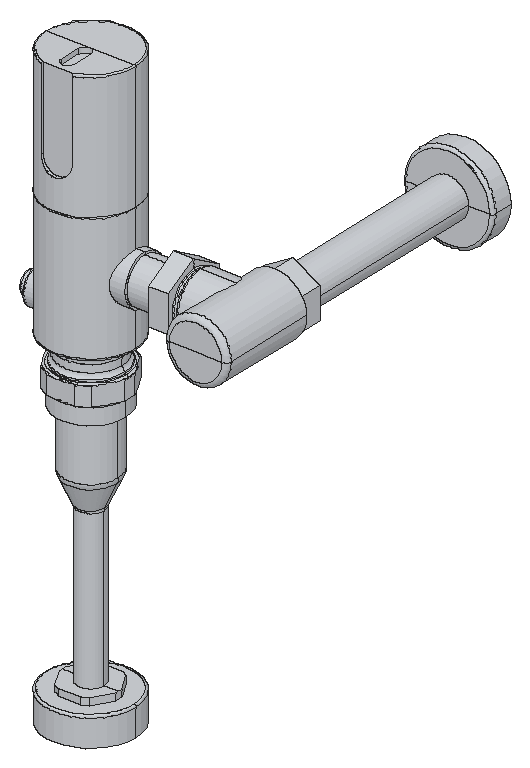
Revit family "Flushometer-Urinal_Touchless-KOHLER-MACH_WAVE-K-40UH00K20_1", category Plumbing Fixtures, host Face, Revit 2017 (continued)
Definition of nested family "K-40UH00K20"
  Automatic sketch dimensions
    plane 1 "Center (Front/Back)" to Masking region 1 sketch curve = 0"
    Masking region 1 sketch curve to plane 11 = 0"
    Masking region 1 sketch curve to Masking region 1 sketch curve = 0.08491"  (x2)
    plane 19 to Masking region 1 sketch curve = 0.37406"
    plane 19 to Masking region 1 sketch curve = 0.49141"
    plane 13 to Masking region 1 sketch curve = 0.13288"
    plane 7 to Masking region 1 sketch curve = 0.56264"
    Masking region 1 sketch curve to plane 7 = 0.56264"
    plane 18 to Masking region 1 sketch curve = 0.51667"
    plane 18 to Masking region 1 sketch curve = 0.49141"
    Masking region 1 sketch curve to Masking region 1 sketch curve = 0.11735"
    plane 18 to Masking region 1 sketch curve = 0.37406"
    Masking region 1 sketch curve to Masking region 1 sketch curve = 0.0484"  (x3)
    Masking region 1 sketch curve to Masking region 1 sketch curve = 0.05396"  (x2)
    Masking region 1 sketch curve to Masking region 1 sketch curve = 0.03442"  (x2)
    Masking region 1 sketch curve to plane 9 = 0.25394"  (x2)
    plane 9 to Masking region 1 sketch curve = 0.20459"  (x2)
    plane 8 to Masking region 1 sketch curve = 0.10236"  (x2)
    Masking region 1 sketch curve to plane 8 = 0.20548"  (x2)
    Masking region 1 sketch curve to Masking region 1 sketch curve = 0.07011"  (x2)
    plane 20 to Masking region 1 sketch curve = 0.05933"  (x2)
    Masking region 1 sketch curve to plane 10 = 0.3"  (x2)
    plane 10 to Masking region 1 sketch curve = 0.32205"  (x2)
    plane 10 to Masking region 1 sketch curve = 0.38227"
    Masking region 1 sketch curve to Masking region 1 sketch curve = 0.11563"
    Masking region 1 sketch curve to Masking region 1 sketch curve = 0.02005"
    Masking region 1 sketch curve to Masking region 1 sketch curve = 0.09499"
    Masking region 1 sketch curve to Masking region 1 sketch curve = 0.05143"
    Masking region 1 sketch curve to Masking region 1 sketch curve = 0.11441"
    Masking region 1 sketch curve to Masking region 1 sketch curve = 0.17374"
    plane 11 to Masking region 1 sketch curve = 0.61614"
    plane 11 to Masking region 1 sketch curve = 0.51168"
    Masking region 1 sketch curve to Masking region 1 sketch curve = 0.00555"
    Masking region 1 sketch curve to Masking region 1 sketch curve = 0.23387"
    curve 5 to curve 6 = 0"  (x2)
    curve 5 to curve 7 = 0"  (x2)
    curve 5 to curve 8 = 0"  (x2)
    curve 5 to curve 12 = 0"  (x2)
    curve 6 to curve 7 = 0"  (x2)
    curve 6 to curve 8 = 0"  (x2)
    curve 6 to curve 12 = 0"  (x2)
    curve 7 to curve 8 = 0"  (x2)
    curve 7 to curve 12 = 0"  (x2)
    curve 8 to curve 12 = 0"  (x2)
    curve 36 to plane 19 = 0"
    plane 23 to curve 35 = 0"
    plane 1 "Center (Front/Back)" to curve 34 = 0"
    curve 36 to plane 18 = 0"
    plane 1 "Center (Front/Back)" to curve 7 = 0"
    curve 7 to plane 9 = 0"
    curve 12 to plane 3 "Center (Left/Right)" = 0"
    curve 13 to plane 3 "Center (Left/Right)" = 0"
    curve 6 to plane 8 = 0"
    plane 1 "Center (Front/Back)" to curve 2 = 0"
    plane 19 to curve 29 = 0.58939"
    plane 7 to curve 31 = 0.16061"
    curve 27 to plane 7 = 0.16061"
    curve 32 to plane 7 = 0.4045"
    curve 33 to plane 1 "Center (Front/Back)" = 0.20585"
    curve 33 to plane 7 = 0.4045"
    curve 27 to curve 26 = 1/2"
    curve 33 to curve 34 = 0.26481"
    plane 11 to curve 11 = 0.11619"
    plane 3 "Center (Left/Right)" to curve 11 = 0.42988"
    plane 3 "Center (Left/Right)" to curve 15 = 0.18307"
    curve 14 to curve 9 = 0.24681"
    curve 4 to plane 8 = 0.09442"
    curve 3 to plane 8 = 0.09442"
    plane 20 to curve 2 = 0.03328"
    plane 10 to curve 30 = 0.32205"
    curve 27 to curve 30 = 0"
    plane 10 to curve 21 = 0.47726"
    curve 3 to plane 1 "Center (Front/Back)" = 0.18412"
    curve 5 to curve 13 = 0.20669"
    plane 11 to curve 23 = 0.47726"
    plane 11 to curve 16 = 0.45276"
    plane 13 to curve 79 = 0.14261"
    plane 19 to curve 79 = 0.37441"
    plane 7 to curve 35 = 0.56264"
    curve 29 to curve 25 = 0.09815"
    curve 25 to curve 26 = 0.09797"
    curve 35 to plane 7 = 0.56264"
    plane 18 to curve 32 = 0.37406"
    curve 26 to curve 33 = 0.21533"
    plane 18 to curve 79 = 0.37406"
    curve 20 to curve 19 = 0.10322"
    curve 23 to curve 18 = 0"
    curve 21 to curve 18 = 0"
    curve 17 to plane 9 = 0.25394"
    plane 9 to curve 7 = 0.20459"
    plane 9 to curve 8 = 0.20459"
    plane 8 to curve 6 = 0.10236"
    plane 8 to curve 5 = 0.10236"
    curve 2 to curve 3 = 0.18117"
    curve 36 to plane 23 = 0.08491"
    curve 29 to plane 10 = 0.3"
    curve 26 to plane 10 = 0.3"
    curve 28 to plane 10 = 0.3"
    curve 26 to curve 33 = 0.11563"
    curve 19 to curve 20 = 0.03442"
    curve 21 to curve 18 = 0.13888"
    curve 7 to curve 17 = 0.05143"
    curve 1 to curve 3 = 0.12677"
    curve 22 to plane 1 "Center (Front/Back)" = 0.05692"
    plane 1 "Center (Front/Back)" to curve 24 = 0.05692"
    curve 4 to curve 1 = 0.12677"
    curve 17 to curve 8 = 0.05143"
    curve 18 to curve 23 = 0.13888"
    curve 20 to curve 19 = 0.03442"
    plane 11 to curve 32 = 0.43768"
    curve 9 to curve 12 = 0.00543"
    curve 12 to curve 11 = 0.03452"
    curve 12 to curve 10 = 0.03452"
    Revolve 11 sketch curve to level = 0"
    Revolve 11 sketch curve to plane 3 "Center (Left/Right)" = 0"  (x2)
    plane 9 to Revolve 11 sketch curve = 0"  (x3)
    plane 3 "Center (Left/Right)" to Revolve 11 sketch curve = 3/8"
    Revolve 11 sketch curve to Revolve 11 sketch curve = 0.01565"
    plane 3 "Center (Left/Right)" to Revolve 11 sketch curve = 0.41839"
    Revolve 11 sketch curve to Revolve 11 sketch curve = 0.15135"
    Revolve 11 sketch curve to Revolve 11 sketch curve = 0.30762"
    plane 9 to Revolve 11 sketch curve = 63/128"
    plane 9 to Revolve 11 sketch curve = 0.38333"
    plane 9 to Revolve 11 sketch curve = 0.32591"
    plane 16 to Revolve 11 sketch curve = 1/128"
    Revolve 11 sketch curve to Revolve 11 sketch curve = 0.07563"
    Revolve 11 sketch curve to Revolve 11 sketch curve = 0.22644"
    Revolve 11 sketch curve to Revolve 11 sketch curve = 0.05918"
    Revolve 11 sketch curve to plane 17 = 0.00832"
    Revolve 11 sketch curve to Revolve 11 sketch curve = 0.02806"
    plane 17 to Revolve 11 sketch curve = 0.03176"
    Revolve 11 sketch curve to Revolve 11 sketch curve = 0.09501"
    plane 16 to Revolve 11 sketch curve = 0.02105"
    Revolve 11 sketch curve to Revolve 11 sketch curve = 0.07509"
    plane 9 to Revolve 11 sketch curve = 0.11631"
    Revolve 11 sketch curve to Revolve 11 sketch curve = 0.05712"
    plane 16 to Revolve 11 sketch curve = 0.04719"
    Revolve 11 sketch curve to Revolve 11 sketch curve = 0.0147"  (x2)
    Revolve 11 sketch curve to plane 17 = 0.05784"
    Revolve 11 sketch curve to Revolve 11 sketch curve = 11/256"
    plane 9 to Revolve 11 sketch curve = 0.06795"
    plane 9 to Revolve 11 sketch curve = 0.05891"
    plane 9 to Revolve 11 sketch curve = 0.03642"
    Revolve 11 sketch curve to Revolve 11 sketch curve = 0.03287"
    Revolve 11 sketch curve to Revolve 11 sketch curve = 0.03235"
    Revolve 11 sketch curve to Revolve 11 sketch curve = 0.02814"
    level to Revolve 11 sketch curve = 0.75359"
    Revolve 11 sketch curve to Revolve 11 sketch curve = 3/16"
    plane 17 to Revolve 11 sketch curve = 3.01711"
    Revolve 11 sketch curve to Revolve 11 sketch curve = 0.71919"
    plane 17 to Revolve 11 sketch curve = 0.47885"
    Revolve 11 sketch curve to plane 16 = 0.03563"
    Revolve 11 sketch curve to Revolve 11 sketch curve = 0.20814"
    plane 14 to Revolve 11 sketch curve = 0.44548"
    Revolve 11 sketch curve to plane 6 = 2 3/4"
    Revolve 11 sketch curve to Revolve 11 sketch curve = 2 3/4"
    Masking region 3 sketch curve to plane 13 = 0"
    Masking region 3 sketch curve to plane 11 = 0"  (x4)
    plane 16 to Masking region 3 sketch curve = 0"  (x2)
    plane 17 to Masking region 3 sketch curve = 0"  (x2)
    Masking region 3 sketch curve to plane 10 = 0"  (x4)
    Masking region 3 sketch curve to plane 23 = 0"
    Masking region 3 sketch curve to plane 14 = 0"
    Masking region 3 sketch curve to plane 13 = 0.60717"
    plane 13 to Masking region 3 sketch curve = 0.14718"  (x2)
    Masking region 3 sketch curve to Masking region 3 sketch curve = 0.02816"  (x2)
    plane 11 to Masking region 3 sketch curve = 0.0311"
    plane 11 to Masking region 3 sketch curve = 0.0361"
    plane 11 to Masking region 3 sketch curve = 0.05371"
    Masking region 3 sketch curve to Masking region 3 sketch curve = 0.05988"  (x2)
    Masking region 3 sketch curve to Masking region 3 sketch curve = 0.04483"
    plane 6 to Masking region 3 sketch curve = 0.0382"
    plane 11 to Masking region 3 sketch curve = 0.07624"
    plane 11 to Masking region 3 sketch curve = 0.20067"
    Masking region 3 sketch curve to Masking region 3 sketch curve = 0.01587"
    Masking region 3 sketch curve to Masking region 3 sketch curve = 0.04921"  (x2)
    Masking region 3 sketch curve to plane 16 = 0.03563"  (x2)
    Masking region 3 sketch curve to Masking region 3 sketch curve = 0.09116"
    Masking region 3 sketch curve to Masking region 3 sketch curve = 0.18237"
    Masking region 3 sketch curve to Masking region 3 sketch curve = 0.22644"
    Masking region 3 sketch curve to Masking region 3 sketch curve = 0.45743"
    Masking region 3 sketch curve to Masking region 3 sketch curve = 0.03497"
    plane 11 to Masking region 3 sketch curve = 0.62119"
    Masking region 3 sketch curve to Masking region 3 sketch curve = 0.23025"  (x2)
    Masking region 3 sketch curve to Masking region 3 sketch curve = 0.3732"
    Masking region 3 sketch curve to Masking region 3 sketch curve = 0.0238"  (x2)
    Masking region 3 sketch curve to plane 1 "Center (Front/Back)" = 0.37476"
    Masking region 3 sketch curve to plane 1 "Center (Front/Back)" = 0.38461"
    Masking region 3 sketch curve to Masking region 3 sketch curve = 0.33824"
    Masking region 3 sketch curve to Masking region 3 sketch curve = 0.35793"
    plane 10 to Masking region 3 sketch curve = 63/128"
    plane 10 to Masking region 3 sketch curve = 0.38304"
    Masking region 3 sketch curve to Masking region 3 sketch curve = 0.07534"
    plane 10 to Masking region 3 sketch curve = 0.26575"
    Masking region 3 sketch curve to Masking region 3 sketch curve = 0.10702"
    plane 10 to Masking region 3 sketch curve = 0.07299"
    plane 10 to Masking region 3 sketch curve = 0.05371"
    plane 6 to Masking region 3 sketch curve = 0.04025"
    Masking region 3 sketch curve to Masking region 3 sketch curve = 0.03503"
    Masking region 3 sketch curve to Masking region 3 sketch curve = 0.03194"
    Masking region 3 sketch curve to plane 14 = 0.0804"
    Masking region 3 sketch curve to plane 5 = 0.0179"
    level to Masking region 3 sketch curve = 0.75262"
    Masking region 3 sketch curve to Masking region 3 sketch curve = 0.75262"
    Masking region 3 sketch curve to Masking region 3 sketch curve = 3/16"  (x2)
    plane 17 to Masking region 3 sketch curve = 3.04236"
    Masking region 3 sketch curve to Masking region 3 sketch curve = 0"
    Masking region 3 sketch curve to Masking region 3 sketch curve = 0.69543"  (x2)
    plane 17 to Masking region 3 sketch curve = 0.47885"  (x2)
    Masking region 3 sketch curve to Masking region 3 sketch curve = 0.18862"  (x2)
    plane 22 to Masking region 3 sketch curve = 0.14583"
    Masking region 3 sketch curve to plane 22 = 0.1665"
    plane 4 "A" to Masking region 3 sketch curve = 0.56196"
    Masking region 3 sketch curve to plane 14 = 0.52288"
    Masking region 3 sketch curve to plane 14 = 0.37406"
    plane 14 to Masking region 3 sketch curve = 0.4426"
    Masking region 3 sketch curve to Masking region 3 sketch curve = 0.82671"
    Revolve 12 sketch curve to plane 8 = 0"  (x2)
    Revolve 12 sketch curve to level = 0"
    Revolve 12 sketch curve to plane 3 "Center (Left/Right)" = 0"  (x2)
    plane 8 to Revolve 12 sketch curve = 63/128"
    Revolve 12 sketch curve to plane 3 "Center (Left/Right)" = 3/8"
    Revolve 12 sketch curve to Revolve 12 sketch curve = 0.81496"
    plane 17 to Revolve 12 sketch curve = 2.95353"
    plane 17 to Revolve 12 sketch curve = 0.47885"
    Revolve 12 sketch curve to Revolve 12 sketch curve = 1 1/2"
    Revolve 12 sketch curve to Revolve 12 sketch curve = 1"
    Revolve 13 sketch curve to plane 7 = 0"
    Revolve 13 sketch curve to Revolve 13 sketch curve = 0.3133"
    plane 12 to Revolve 13 sketch curve = 0.84583"
    Revolve 13 sketch curve to Revolve 13 sketch curve = 1/2"
    Revolve 3 sketch curve to Revolve 3 sketch curve = 0.05745"
    Masking region 2 sketch curve to plane 20 = 0"
    Masking region 2 sketch curve to plane 22 = 0"
    Masking region 2 sketch curve to plane 8 = 0"  (x4)
    Masking region 2 sketch curve to plane 16 = 0"
    Masking region 2 sketch curve to plane 17 = 0"
    plane 9 to Masking region 2 sketch curve = 0"  (x4)
    Masking region 2 sketch curve to plane 4 "A" = 0"
    Masking region 2 sketch curve to plane 7 = 0"
    plane 20 to Masking region 2 sketch curve = 0.06015"
    Masking region 2 sketch curve to Masking region 2 sketch curve = 0.06015"
    Masking region 2 sketch curve to Masking region 2 sketch curve = 0.16426"  (x2)
    Masking region 2 sketch curve to Masking region 2 sketch curve = 0.02512"
    Masking region 2 sketch curve to Masking region 2 sketch curve = 0.0612"
    Masking region 2 sketch curve to plane 8 = 0.09402"
    Masking region 2 sketch curve to plane 22 = 0.03555"
    Masking region 2 sketch curve to Masking region 2 sketch curve = 0.05138"
    plane 8 to Masking region 2 sketch curve = 0.02746"
    plane 8 to Masking region 2 sketch curve = 0.03129"
    Masking region 2 sketch curve to Masking region 2 sketch curve = 0.00106"
    Masking region 2 sketch curve to Masking region 2 sketch curve = 0.03607"  (x2)
    plane 8 to Masking region 2 sketch curve = 0.05773"
    plane 8 to Masking region 2 sketch curve = 0.07626"
    plane 8 to Masking region 2 sketch curve = 0.16319"
    Masking region 2 sketch curve to Masking region 2 sketch curve = 0.04228"
    Masking region 2 sketch curve to Masking region 2 sketch curve = 0.00475"
    Masking region 2 sketch curve to Masking region 2 sketch curve = 0.06286"
    plane 8 to Masking region 2 sketch curve = 0.26575"
    Masking region 2 sketch curve to Masking region 2 sketch curve = 0.10223"  (x2)
    Masking region 2 sketch curve to Masking region 2 sketch curve = 0.07532"  (x2)
    Masking region 2 sketch curve to Masking region 2 sketch curve = 13/32"
    plane 8 to Masking region 2 sketch curve = 63/128"
    Masking region 2 sketch curve to Masking region 2 sketch curve = 0.02861"  (x2)
    Masking region 2 sketch curve to plane 3 "Center (Left/Right)" = 0.51608"
    Masking region 2 sketch curve to Masking region 2 sketch curve = 0.27675"  (x2)
    Masking region 2 sketch curve to Masking region 2 sketch curve = 0.12786"  (x2)
    Masking region 2 sketch curve to Masking region 2 sketch curve = 0.01322"  (x2)
    plane 3 "Center (Left/Right)" to Masking region 2 sketch curve = 3/8"
    plane 3 "Center (Left/Right)" to Masking region 2 sketch curve = 0.45245"
    Masking region 2 sketch curve to Masking region 2 sketch curve = 0.41103"
    plane 9 to Masking region 2 sketch curve = 0.38302"
    Masking region 2 sketch curve to plane 16 = 0.03563"  (x2)
    Masking region 2 sketch curve to Masking region 2 sketch curve = 0.22644"
    plane 17 to Masking region 2 sketch curve = 0.0397"
    Masking region 2 sketch curve to Masking region 2 sketch curve = 0.1728"
    plane 16 to Masking region 2 sketch curve = 0.04228"
    plane 9 to Masking region 2 sketch curve = 0.07626"
    Masking region 2 sketch curve to Masking region 2 sketch curve = 0.05773"
    Masking region 2 sketch curve to Masking region 2 sketch curve = 0.03235"
    Masking region 2 sketch curve to Masking region 2 sketch curve = 0.03129"
    Masking region 2 sketch curve to Masking region 2 sketch curve = 0.02746"
    Masking region 2 sketch curve to plane 9 = 0.25394"  (x2)
    Masking region 2 sketch curve to plane 22 = 0.09489"
    plane 22 to Masking region 2 sketch curve = 0.00986"
    plane 25 to Masking region 2 sketch curve = 0.03302"
    Masking region 2 sketch curve to Masking region 2 sketch curve = 0.03381"
    Masking region 2 sketch curve to Masking region 2 sketch curve = 0.0702"
    Masking region 2 sketch curve to Masking region 2 sketch curve = 0.0694"
    Masking region 2 sketch curve to Masking region 2 sketch curve = 0.05689"  (x2)
    plane 22 to Masking region 2 sketch curve = 0.02587"
    Masking region 2 sketch curve to plane 18 = 0.0569"
    Masking region 2 sketch curve to Masking region 2 sketch curve = 0.04087"
    plane 18 to Masking region 2 sketch curve = 0.29977"
    plane 22 to Masking region 2 sketch curve = 0.08367"
    level to Masking region 2 sketch curve = 0.75477"  (x2)
    Masking region 2 sketch curve to Masking region 2 sketch curve = 3/16"  (x2)
    Masking region 2 sketch curve to Masking region 2 sketch curve = 2.53431"
    Masking region 2 sketch curve to Masking region 2 sketch curve = 0"  (x2)
    Masking region 2 sketch curve to Masking region 2 sketch curve = 0.73124"  (x2)
    Masking region 2 sketch curve to Masking region 2 sketch curve = 0.43915"
    Masking region 2 sketch curve to Masking region 2 sketch curve = 0.21605"  (x2)
    Masking region 2 sketch curve to Masking region 2 sketch curve = 0.12445"
    Masking region 2 sketch curve to Masking region 2 sketch curve = 0.12282"
    Masking region 2 sketch curve to plane 5 = 0.18553"
    plane 22 to Masking region 2 sketch curve = 0.2083"
    Masking region 2 sketch curve to plane 22 = 0.04318"
    Masking region 2 sketch curve to Masking region 2 sketch curve = 0.07381"
    Masking region 2 sketch curve to Masking region 2 sketch curve = 0.0578"
    plane 14 to Masking region 2 sketch curve = 0.44707"  (x2)
    Masking region 2 sketch curve to Masking region 2 sketch curve = 0.03039"
    curve 68 to curve 75 = 0.55118"
    Masking region 1 sketch curve to plane 18 = 0.0523"  (x2)
    Masking region 1 sketch curve to Masking region 1 sketch curve = 0.06879"  (x2)
    Masking region 1 sketch curve to Masking region 1 sketch curve = 0.55118"  (x2)
    Masking region 2 sketch curve to plane 25 = 0"  (x2)
    Revolve 16 sketch curve to plane 3 "Center (Left/Right)" = 0"
    Revolve 16 sketch curve to plane 7 = 0"
    Revolve 16 sketch curve to plane 14 = 0.43786"
    Revolve 16 sketch curve to plane 14 = 0.24803"
    Revolve 16 sketch curve to Revolve 16 sketch curve = 1/2"
    Revolve 16 sketch curve to plane 8 = 1/4"
    radius of Extrusion 1 sketch curve = 1.31929"
    radius of Extrusion 2 sketch curve = 1.08041"
    radius of Extrusion 5 sketch curve = 1.18947"
    radius of Extrusion 6 sketch curve = 1.06894"
    radius of Extrusion 14 sketch curve = 0.49459"
    radius of Extrusion 15 sketch curve = 0.22469"
Definition of nested family "K-40UH00K20_RF"
  Parameters (values of type "K-40UH00D20_RF")
    Material = none
  Reference planes (in)
    plane 1 "Center (Front/Back)": y = 0
    plane 2: z = 0
    plane 3 "Center (Left/Right)": x = 0
    plane 4: x = -1.25
    plane 5: x = 1.25
    plane 6: y = 1.25
    plane 7: y = -1.25
    plane 8: x = 3.5
    plane 9: x = -1.75
    plane 10: z = 8.0625
    plane 11: z = 2.75
    plane 12: z = 1.625
    plane 13: z = 3.41339
    plane 14: z = 2.08661
  Forms (in)
    Revolve 1, solid, material <- "Material", detail levels medium+fine
      sketch origin (0, 0, 0) x (1, 0, 0) y (0, 0, 1)
        loop
          line (-0.88082, 0) -> (0, 0) -> (0, 8.0625) -> (-1.14375, 8.0625)
          arc (-1.14375, 8.0625) -> (-1.21888, 8.03138) -> (-1.25, 7.95625) r 0.10625
          line (-1.25, 7.95625) -> (-1.25, 4.50787) -> (-1.21881, 4.50787)
          arc (-1.21881, 4.50787) -> (-1.24098, 4.4975) -> (-1.25, 4.47475) r 0.03319
          line (-1.25, 4.47475) -> (-1.25, 0.99317)
          arc (-1.25, 0.99317) -> (-1.23586, 0.95902) -> (-1.20172, 0.94488) r 0.04828
          line (-1.20172, 0.94488) -> (-1.14484, 0.94488)
          arc (-1.14484, 0.94488) -> (-0.94613, 0.8404) -> (-0.86657, 0.63047) r 0.31676
          line (-0.86657, 0.63047) -> (-0.86657, 0.39337)
          arc (-0.86657, 0.39337) -> (-0.88525, 0.32461) -> (-0.93614, 0.27475) r 0.13591
          line (-0.93614, 0.27475) -> (-0.93614, 0.05532)
          arc (-0.93614, 0.05532) -> (-0.91994, 0.0162) -> (-0.88082, 0) r 0.05532
        axis (0, 8.0625) -> (0, 0)
      angle from 0 to 360
    Revolve 2, solid, material <- "Material", detail levels medium+fine
      sketch origin (0, 0, 0) x (1, 0, 0) y (0, 0, 1)
        loop
          line (-1.56851, 1.90216) -> (-1.72648, 1.90216)
          arc (-1.72648, 1.90216) -> (-1.74311, 1.89527) -> (-1.75, 1.87864) r 0.02352
          line (-1.75, 1.87864) -> (-1.75, 1.625) -> (-0.80386, 1.625) -> (-0.80386, 2.12686) -> (-1.50097, 2.12686)
          arc (-1.50097, 2.12686) -> (-1.51838, 2.11965) -> (-1.52559, 2.10224) r 0.02462
          line (-1.52559, 2.10224) -> (-1.52559, 1.94508)
          arc (-1.52559, 1.94508) -> (-1.53816, 1.91473) -> (-1.56851, 1.90216) r 0.04292
        axis (-1.75, 1.625) -> (-0.80386, 1.625)
      angle from 0 to 360
    Revolve 3, solid, material <- "Material", detail levels medium+fine
      sketch origin (0, 0, 0) x (1, 0, 0) y (0, 0, 1)
        loop
          arc (3.5, 3.69017) -> (3.47483, 3.75093) -> (3.41406, 3.7761) r 0.08594
          line (3.41406, 3.7761) -> (3.02725, 3.7761)
          arc (3.02725, 3.7761) -> (2.96622, 3.75083) -> (2.94094, 3.6898) r 0.08631
          line (2.94094, 3.6898) -> (2.94094, 3.41339) -> (1.50394, 3.41339)
          arc (1.50394, 3.41339) -> (1.48689, 3.45104) -> (1.44853, 3.46644) r 0.05546
          line (1.44853, 3.46644) -> (0, 3.46644) -> (0, 2.75) -> (3.5, 2.75) -> (3.5, 3.69017)
        axis (0, 2.75) -> (3.5, 2.75)
      angle from 0 to 360
    Extrusion 4, void
      sketch origin (0, 0, 0) x (1, 0, 0) y (0, 0, 1)
        loop
          line (-1.50119, 2.08661) -> (-1.36715, 2.08661)
          arc (-1.36715, 2.08661) -> (-1.35018, 2.09038) -> (-1.33639, 2.10096) r 0.04016
          line (-1.33639, 2.10096) -> (-1.29886, 2.14569) -> (-1.52559, 2.14569) -> (-1.52559, 2.06221)
          arc (-1.52559, 2.06221) -> (-1.51844, 2.07947) -> (-1.50119, 2.08661) r 0.0244
        loop
          arc (-1.50119, 1.16339) -> (-1.51844, 1.17053) -> (-1.52559, 1.18779) r 0.0244
          line (-1.52559, 1.18779) -> (-1.52559, 1.10431) -> (-1.29886, 1.10431) -> (-1.33639, 1.14904)
          arc (-1.33639, 1.14904) -> (-1.35018, 1.15962) -> (-1.36715, 1.16339) r 0.04016
          line (-1.36715, 1.16339) -> (-1.50119, 1.16339)
      from -0.68678 to 0.88583
    Extrusion 5, void
      sketch origin (0, 0, 0) x (0, 1, 0) y (0, 0, 1)
        loop
          line (0.07137, 3.73166) -> (-0.07137, 3.73166) -> (-0.81446, 3.30264) -> (-0.88583, 3.17903) -> (-0.88583, 2.32097) -> (-0.81446, 2.19736) -> (-0.05091, 1.75653) -> (0.05091, 1.75653) -> (0.81446, 2.19736) -> (0.88583, 2.32097) -> (0.88583, 3.17903) -> (0.81446, 3.30264) -> (0.07137, 3.73166)
        loop
          circle (0, 2.75) r 1.31266
      from 2.77746 to 3.82054
    Extrusion 6, void
      sketch origin (0, 0, 0) x (1, 0, 0) y (0, 1, 0)
        loop
          line (-0.1811, -0.20669) -> (-0.1811, -0.79724)
          arc (-0.1811, -0.79724) -> (0, -0.97835) -> (0.1811, -0.79724) r 0.1811
          line (0.1811, -0.79724) -> (0.1811, -0.20669)
          arc (0.1811, -0.20669) -> (0, -0.02559) -> (-0.1811, -0.20669) r 0.1811
      from 8.01842 to 8.37387
    Sweep 7, void
      path origin (0, 0, 0) x (0, 1, 0) y (0, 0, 1)
        loop
          line (-1.18134, 9.15133) -> (-1.18134, 5.77936)
          arc (-1.18134, 5.77936) -> (-1.23122, 5.4282) -> (-1.37691, 5.10481) r 1.26114
      profile origin (0, -1.18134, 7.46535) x (1, 0, 0) y (0, 1, 0)
        loop
          line (0.43832, 0) -> (-0.43832, 0) -> (-0.43832, -0.13731) -> (0.43832, -0.13731) -> (0.43832, 0)
    Revolve 8, solid, material <- "Material", detail levels coarse
      sketch origin (0, 0, 0) x (1, 0, 0) y (0, 0, 1)
        loop
          line (-1.25, 8.0625) -> (-1.25, 0.94488) -> (-0.93614, 0.94488) -> (-0.93614, 0) -> (0, 0) -> (0, 8.0625) -> (-1.25, 8.0625)
        axis (0, 8.0625) -> (0, 0)
      angle from 0 to 360
    Revolve 9, solid, material <- "Material", detail levels coarse
      sketch origin (0, 0, 0) x (1, 0, 0) y (0, 0, 1)
        loop
          line (0, 3.41339) -> (0, 2.75) -> (3.5, 2.75) -> (3.5, 3.73166) -> (2.94094, 3.73166) -> (2.94094, 3.41339) -> (0, 3.41339)
        axis (0, 2.75) -> (3.5, 2.75)
      angle from 0 to 360
    Revolve 10, solid, material <- "Material", detail levels coarse
      sketch origin (0, 0, 0) x (1, 0, 0) y (0, 0, 1)
        loop
          line (-1.75, 2.08661) -> (-1.75, 1.625) -> (-0.84874, 1.625) -> (-0.84874, 2.08661) -> (-1.75, 2.08661)
        axis (-1.75, 1.625) -> (-0.84874, 1.625)
      angle from 0 to 360
    Extrusion 11, solid, material <- "Material", detail levels medium+fine
      sketch origin (0, 0, 0) x (0, 1, 0) y (0, 0, 1)
        loop
          circle (0, 2.75) r 0.09716
      from 3.30818 to 3.5
  Cuts and joins
    Extrusion 6, Sweep 7 cuts Revolve 1
    Extrusion 4 cuts Revolve 2
    Extrusion 5 cuts Revolve 3
    joined: Revolve 1, Revolve 2, Revolve 3
  Lines and regions (in)
    Masking region 1
      outline origin (0, 0, 0) x (1, 0, 0) y (0, 0, 1)
        loop
          line (-0.93614, 0.27475) -> (-0.93614, 0.05532)
          arc (-0.93614, 0.05532) -> (-0.91994, 0.0162) -> (-0.88082, 0) r 0.05532
          line (-0.88082, 0) -> (0.88082, 0)
          arc (0.88082, 0) -> (0.91994, 0.0162) -> (0.93614, 0.05532) r 0.05532
          line (0.93614, 0.05532) -> (0.93614, 0.27475)
          arc (0.93614, 0.27475) -> (0.88525, 0.32461) -> (0.86657, 0.39337) r 0.13591
          line (0.86657, 0.39337) -> (0.86657, 0.63047)
          arc (0.86657, 0.63047) -> (0.94613, 0.8404) -> (1.14484, 0.94488) r 0.31676
          line (1.14484, 0.94488) -> (1.20172, 0.94488)
          arc (1.20172, 0.94488) -> (1.23586, 0.95902) -> (1.25, 0.99317) r 0.04828
          line (1.25, 0.99317) -> (1.25, 1.8773)
          arc (1.25, 1.8773) -> (1.29576, 1.98778) -> (1.40625, 2.03355) r 0.15625
          line (1.40625, 2.03355) -> (1.44594, 2.03355)
          arc (1.44594, 2.03355) -> (1.48524, 2.04882) -> (1.50394, 2.08661) r 0.05823
          line (1.50394, 2.08661) -> (2.94094, 2.08661) -> (2.94094, 1.8236)
          arc (2.94094, 1.8236) -> (2.95713, 1.78452) -> (2.9962, 1.76834) r 0.05526
          line (2.9962, 1.76834) -> (3.44424, 1.76834)
          arc (3.44424, 1.76834) -> (3.48367, 1.78467) -> (3.5, 1.82409) r 0.05576
          line (3.5, 1.82409) -> (3.5, 3.67591)
          arc (3.5, 3.67591) -> (3.48367, 3.71533) -> (3.44424, 3.73166) r 0.05576
          line (3.44424, 3.73166) -> (2.9962, 3.73166)
          arc (2.9962, 3.73166) -> (2.95713, 3.71548) -> (2.94094, 3.6764) r 0.05526
          line (2.94094, 3.6764) -> (2.94094, 3.41339) -> (1.50394, 3.41339)
          arc (1.50394, 3.41339) -> (1.48524, 3.45118) -> (1.44594, 3.46645) r 0.05823
          line (1.44594, 3.46645) -> (1.40682, 3.46645)
          arc (1.40682, 3.46645) -> (1.29593, 3.51238) -> (1.25, 3.62327) r 0.15682
          line (1.25, 3.62327) -> (1.25, 4.47475)
          arc (1.25, 4.47475) -> (1.24098, 4.4975) -> (1.21881, 4.50787) r 0.03319
          line (1.21881, 4.50787) -> (1.25, 4.50787) -> (1.25, 7.95625)
          arc (1.25, 7.95625) -> (1.21888, 8.03138) -> (1.14375, 8.0625) r 0.10625
          line (1.14375, 8.0625) -> (-1.14375, 8.0625)
          arc (-1.14375, 8.0625) -> (-1.21888, 8.03138) -> (-1.25, 7.95625) r 0.10625
          line (-1.25, 7.95625) -> (-1.25, 4.50787) -> (-1.21881, 4.50787)
          arc (-1.21881, 4.50787) -> (-1.24098, 4.4975) -> (-1.25, 4.47475) r 0.03319
          line (-1.25, 4.47475) -> (-1.25, 2.12686) -> (-1.31466, 2.12686) -> (-1.33639, 2.10096)
          arc (-1.33639, 2.10096) -> (-1.35018, 2.09038) -> (-1.36715, 2.08661) r 0.04016
          line (-1.36715, 2.08661) -> (-1.50283, 2.08661)
          arc (-1.50283, 2.08661) -> (-1.51937, 2.07976) -> (-1.52623, 2.06322) r 0.0234
          line (-1.52623, 2.06322) -> (-1.52623, 1.94441)
          arc (-1.52623, 1.94441) -> (-1.53855, 1.91466) -> (-1.56831, 1.90233) r 0.04208
          line (-1.56831, 1.90233) -> (-1.72594, 1.90233)
          arc (-1.72594, 1.90233) -> (-1.74295, 1.89529) -> (-1.75, 1.87827) r 0.02406
          line (-1.75, 1.87827) -> (-1.75, 1.625) -> (-1.75, 1.37173)
          arc (-1.75, 1.37173) -> (-1.74295, 1.35471) -> (-1.72594, 1.34767) r 0.02406
          line (-1.72594, 1.34767) -> (-1.56831, 1.34767)
          arc (-1.56831, 1.34767) -> (-1.53855, 1.33534) -> (-1.52623, 1.30559) r 0.04208
          line (-1.52623, 1.30559) -> (-1.52623, 1.18678)
          arc (-1.52623, 1.18678) -> (-1.51937, 1.17024) -> (-1.50283, 1.16339) r 0.0234
          line (-1.50283, 1.16339) -> (-1.36715, 1.16339)
          arc (-1.36715, 1.16339) -> (-1.35018, 1.15962) -> (-1.33639, 1.14904) r 0.04016
          line (-1.33639, 1.14904) -> (-1.31466, 1.12314) -> (-1.25, 1.12314) -> (-1.25, 0.99317)
          arc (-1.25, 0.99317) -> (-1.23586, 0.95902) -> (-1.20172, 0.94488) r 0.04828
          line (-1.20172, 0.94488) -> (-1.14484, 0.94488)
          arc (-1.14484, 0.94488) -> (-0.94613, 0.8404) -> (-0.86657, 0.63047) r 0.31676
          line (-0.86657, 0.63047) -> (-0.86657, 0.39337)
          arc (-0.86657, 0.39337) -> (-0.88525, 0.32461) -> (-0.93614, 0.27475) r 0.13591
    Masking region 2
      outline origin (0, 0, 0) x (1, 0, 0) y (0, 1, 0)
        loop
          line (-1.14484, 0.50183) -> (-1.49599, 0.50183)
          arc (-1.49599, 0.50183) -> (-1.51709, 0.49309) -> (-1.52583, 0.472) r 0.02983
          line (-1.52583, 0.472) -> (-1.52583, 0.3243)
          arc (-1.52583, 0.3243) -> (-1.5396, 0.29104) -> (-1.57287, 0.27726) r 0.04704
          line (-1.57287, 0.27726) -> (-1.7247, 0.27726)
          arc (-1.7247, 0.27726) -> (-1.74259, 0.26985) -> (-1.75, 0.25196) r 0.0253
          line (-1.75, 0.25196) -> (-1.75, -0.25196)
          arc (-1.75, -0.25196) -> (-1.74259, -0.26985) -> (-1.7247, -0.27726) r 0.0253
          line (-1.7247, -0.27726) -> (-1.57287, -0.27726)
          arc (-1.57287, -0.27726) -> (-1.5396, -0.29104) -> (-1.52583, -0.3243) r 0.04704
          line (-1.52583, -0.3243) -> (-1.52583, -0.472)
          arc (-1.52583, -0.472) -> (-1.51709, -0.49309) -> (-1.49599, -0.50183) r 0.02983
          line (-1.49599, -0.50183) -> (-1.14484, -0.50183)
          arc (-1.14484, -0.50183) -> (-0.68382, -1.04637) -> (0, -1.25) r 1.25
          arc (0, -1.25) -> (0.57744, -1.10863) -> (1.02427, -0.71651) r 1.25
          line (1.02427, -0.71651) -> (1.44979, -0.71651)
          arc (1.44979, -0.71651) -> (1.48772, -0.70101) -> (1.50394, -0.66339) r 0.05415
          line (1.50394, -0.66339) -> (2.94094, -0.66339) -> (2.94094, -0.81485)
          arc (2.94094, -0.81485) -> (2.96173, -0.86504) -> (3.01192, -0.88583) r 0.07098
          line (3.01192, -0.88583) -> (3.42969, -0.88583)
          arc (3.42969, -0.88583) -> (3.47941, -0.86523) -> (3.5, -0.81551) r 0.07031
          line (3.5, -0.81551) -> (3.5, 0.81551)
          arc (3.5, 0.81551) -> (3.47941, 0.86523) -> (3.42969, 0.88583) r 0.07031
          line (3.42969, 0.88583) -> (3.01192, 0.88583)
          arc (3.01192, 0.88583) -> (2.96173, 0.86504) -> (2.94094, 0.81485) r 0.07098
          line (2.94094, 0.81485) -> (2.94094, 0.66339) -> (1.50394, 0.66339)
          arc (1.50394, 0.66339) -> (1.48772, 0.70101) -> (1.44979, 0.71651) r 0.05415
          line (1.44979, 0.71651) -> (1.02427, 0.71651)
          arc (1.02427, 0.71651) -> (0.57744, 1.10863) -> (0, 1.25) r 1.25
          arc (0, 1.25) -> (-0.68382, 1.04637) -> (-1.14484, 0.50183) r 1.25
    Masking region 3
      outline origin (0, 0, 0) x (0, 1, 0) y (0, 0, 1)
        loop
          arc (0.93614, 0.27475) -> (0.88525, 0.32461) -> (0.86657, 0.39337) r 0.13591
          line (0.86657, 0.39337) -> (0.86657, 0.63047)
          arc (0.86657, 0.63047) -> (0.94613, 0.8404) -> (1.14484, 0.94488) r 0.31676
          line (1.14484, 0.94488) -> (1.20172, 0.94488)
          arc (1.20172, 0.94488) -> (1.23586, 0.95902) -> (1.25, 0.99317) r 0.04828
          line (1.25, 0.99317) -> (1.25, 1.12621) -> (1.25, 4.47475)
          arc (1.25, 4.47475) -> (1.24098, 4.4975) -> (1.21881, 4.50787) r 0.03319
          line (1.21881, 4.50787) -> (1.25, 4.50787) -> (1.25, 7.95625)
          arc (1.25, 7.95625) -> (1.21888, 8.03138) -> (1.14375, 8.0625) r 0.10625
          line (1.14375, 8.0625) -> (-1.07588, 8.0625)
          arc (-1.07588, 8.0625) -> (-1.15045, 8.03161) -> (-1.18134, 7.95703) r 0.10547
          line (-1.18134, 7.95703) -> (-1.18134, 5.77936)
          arc (-1.18134, 5.77936) -> (-1.19863, 5.5713) -> (-1.25, 5.36893) r 1.26114
          line (-1.25, 5.36893) -> (-1.25, 4.50787) -> (-1.21881, 4.50787)
          arc (-1.21881, 4.50787) -> (-1.24098, 4.4975) -> (-1.25, 4.47475) r 0.03319
          line (-1.25, 4.47475) -> (-1.25, 1.12621) -> (-1.25, 0.99317)
          arc (-1.25, 0.99317) -> (-1.23586, 0.95902) -> (-1.20172, 0.94488) r 0.04828
          line (-1.20172, 0.94488) -> (-1.14484, 0.94488)
          arc (-1.14484, 0.94488) -> (-0.94613, 0.8404) -> (-0.86657, 0.63047) r 0.31676
          line (-0.86657, 0.63047) -> (-0.86657, 0.39337)
          arc (-0.86657, 0.39337) -> (-0.88525, 0.32461) -> (-0.93614, 0.27475) r 0.13591
          line (-0.93614, 0.27475) -> (-0.93614, 0.05532)
          arc (-0.93614, 0.05532) -> (-0.91994, 0.0162) -> (-0.88082, 0) r 0.05532
          line (-0.88082, 0) -> (0.88082, 0)
          arc (0.88082, 0) -> (0.91994, 0.0162) -> (0.93614, 0.05532) r 0.05532
          line (0.93614, 0.05532) -> (0.93614, 0.27475)
    symbolic lines, detail levels medium+fine
      curve 1: line (-0.93614, 0, 0.27475) -> (0.93614, 0, 0.27475)
      curve 2: line (-0.93614, 0, 0.05532) -> (0.93614, 0, 0.05532)
      curve 3: line (-1.14484, 0, 0.94488) -> (1.14484, 0, 0.94488)
      curve 4: line (-0.86657, 0, 0.63047) -> (0.86657, 0, 0.63047)
      curve 5: line (-1.52623, 0, 1.94441) -> (-1.52623, 0, 1.30559)
      curve 6: arc (-1.13414, 0, 1.625) -> (-1.17097, 0, 1.8808) -> (-1.25, 0, 2.12686) r 1.54253
      curve 7: arc (-1.13414, 0, 1.625) -> (-1.17097, 0, 1.3692) -> (-1.25, 0, 1.12314) r 1.54253
      curve 8: line (-1.21881, 0, 4.50787) -> (1.21881, 0, 4.50787)
      curve 9: line (-0.40856, 0, 5.77936) -> (-0.40856, 0, 8.0625)
      curve 10: line (0.40856, 0, 5.77936) -> (-0.40856, 0, 5.77936)
      curve 11: line (0.40856, 0, 8.0625) -> (0.40856, 0, 5.77936)
      curve 12: line (1.50394, 0, 3.41339) -> (1.50394, 0, 2.08661)
      curve 13: arc (1.00394, 0, 2.75) -> (1.08452, 0, 3.19859) -> (1.25, 0, 3.62327) r 2.35517
      curve 14: arc (1.00394, 0, 2.75) -> (1.08452, 0, 2.30141) -> (1.25, 0, 1.87673) r 2.35517
      curve 15: line (2.94094, 0, 3.41339) -> (2.94094, 0, 2.08661)
      curve 16: line (3.05661, 0, 3.30264) -> (3.05661, 0, 3.17903)
      curve 17: line (3.05661, 0, 3.17903) -> (3.47221, 0, 3.17903)
      curve 18: line (3.05661, 0, 3.30264) -> (3.47221, 0, 3.30264)
      curve 19: line (3.47221, 0, 3.30264) -> (3.47221, 0, 3.17903)
      curve 20: line (3.05661, 0, 2.19736) -> (3.05661, 0, 2.32097)
      curve 21: line (3.05661, 0, 2.32097) -> (3.47221, 0, 2.32097)
      curve 22: line (3.05661, 0, 2.19736) -> (3.47221, 0, 2.19736)
      curve 23: line (3.47221, 0, 2.19736) -> (3.47221, 0, 2.32097)
      curve 24: arc (2.94094, 0, 3.41339) -> (2.97654, 0, 3.33479) -> (3.05661, 0, 3.30264) r 0.11578
      curve 25: arc (2.94094, 0, 2.08661) -> (2.97654, 0, 2.16521) -> (3.05661, 0, 2.19736) r 0.11578
      curve 26: arc (3.47221, 0, 3.30264) -> (3.49048, 0, 3.35691) -> (3.5, 0, 3.41339) r 0.36305
      curve 27: arc (3.47221, 0, 2.19736) -> (3.49048, 0, 2.14309) -> (3.5, 0, 2.08661) r 0.36305
      curve 28: arc (3.05661, 0, 3.17903) -> (2.97337, 0, 3.02938) -> (2.94094, 0, 2.86123) r 0.54231
      curve 29: arc (3.05661, 0, 2.32097) -> (2.97337, 0, 2.47062) -> (2.94094, 0, 2.63877) r 0.54231
      curve 30: arc (3.47221, 0, 3.17903) -> (3.49169, 0, 3.06234) -> (3.5, 0, 2.94434) r 1.24435
      curve 31: arc (3.47221, 0, 2.32097) -> (3.49169, 0, 2.43766) -> (3.5, 0, 2.55566) r 1.24435
      curve 32: line (-1.52583, -0.3243, 0) -> (-1.52583, 0.3243, 0)
      curve 33: arc (-1.14484, 0.50183, 0) -> (-1.22343, 0.25637, 0) -> (-1.25, 0, 0) r 1.25
      curve 34: line (-1.52583, 0.19691, 0) -> (-1.36607, 0.19691, 0)
      curve 35: spline (-1.36607, 0.19691, 0) -> (-1.36232, 0.19538, 0) -> (-1.35873, 0.19355, 0) -> (-1.35534, 0.19142, 0) -> (-1.35216, 0.18901, 0) -> (-1.34924, 0.18634, 0) -> (-1.34658, 0.18343, 0) -> (-1.34421, 0.18031, 0) -> (-1.34216, 0.177, 0) -> (-1.34043, 0.17353, 0) -> (-1.33904, 0.16993, 0) -> (-1.33801, 0.16622, 0) -> (-1.33734, 0.16244, 0)
      curve 36: spline (-1.33734, 0.16244, 0) -> (-1.33378, 0.14963, 0) -> (-1.33052, 0.13663, 0) -> (-1.32756, 0.12346, 0) -> (-1.32489, 0.11013, 0) -> (-1.32252, 0.09667, 0) -> (-1.32047, 0.08309, 0) -> (-1.31872, 0.0694, 0) -> (-1.31728, 0.05563, 0) -> (-1.31615, 0.04178, 0) -> (-1.31534, 0.02789, 0) -> (-1.31484, 0.01395, 0) -> (-1.31466, 0, 0)
      curve 37: spline (-1.31466, 0, 0) -> (-1.31484, -0.01395, 0) -> (-1.31534, -0.02788, 0) -> (-1.31615, -0.04177, 0) -> (-1.31728, -0.05562, 0) -> (-1.31872, -0.06939, 0) -> (-1.32046, -0.08307, 0) -> (-1.32252, -0.09665, 0) -> (-1.32488, -0.11011, 0) -> (-1.32755, -0.12343, 0) -> (-1.33052, -0.1366, 0) -> (-1.33378, -0.1496, 0) -> (-1.33733, -0.16241, 0)
      curve 38: spline (-1.33733, -0.16241, 0) -> (-1.338, -0.16624, 0) -> (-1.33904, -0.17, 0) -> (-1.34042, -0.17364, 0) -> (-1.34215, -0.17713, 0) -> (-1.3442, -0.18046, 0) -> (-1.34656, -0.18359, 0) -> (-1.34922, -0.18649, 0) -> (-1.35214, -0.18915, 0) -> (-1.3553, -0.19154, 0) -> (-1.35869, -0.19364, 0) -> (-1.36227, -0.19543, 0) -> (-1.36601, -0.19691, 0)
      curve 39: line (-1.36601, -0.19691, 0) -> (-1.52583, -0.19691, 0)
      curve 40: arc (-1.14484, -0.50183, 0) -> (-1.22343, -0.25637, 0) -> (-1.25, 0, 0) r 1.25
      curve 41: arc (1.02427, 0.71651, 0) -> (1.19223, 0.37561, 0) -> (1.25, 0, 0) r 1.25
      curve 42: line (0.1811, -0.20669, 0) -> (0.1811, -0.79724, 0)
      curve 43: arc (0.1811, -0.79724, 0) -> (0, -0.97835, 0) -> (-0.1811, -0.79724, 0) r 0.1811
      curve 44: line (-0.1811, -0.79724, 0) -> (-0.1811, -0.20669, 0)
      curve 45: arc (-0.1811, -0.20669, 0) -> (0, -0.02559, 0) -> (0.1811, -0.20669, 0) r 0.1811
      curve 46: line (-0.40856, -1.18134, 0) -> (0.40856, -1.18134, 0)
      curve 47: arc (0.29988, -1.18134, 0) -> (0, 1.21881, 0) -> (-0.29988, -1.18134, 0) r 1.21881
      curve 48: arc (1.02427, -0.71651, 0) -> (1.19223, -0.37561, 0) -> (1.25, 0, 0) r 1.25
      curve 49: line (1.50394, 0.66339, 0) -> (1.50394, -0.66339, 0)
      curve 50: line (2.94094, 0.66339, 0) -> (2.94094, -0.66339, 0)
      curve 51: line (3.04134, 0.88583, 0) -> (3.04134, 0.81446, 0)
      curve 52: line (3.04134, 0.81446, 0) -> (3.43167, 0.81446, 0)
      curve 53: line (3.04134, 0.07137, 0) -> (3.43167, 0.07137, 0)
      curve 54: line (3.04134, -0.07137, 0) -> (3.43167, -0.07137, 0)
      curve 55: arc (3.04134, 0.81446, 0) -> (2.96662, 0.6931, 0) -> (2.94094, 0.55292, 0) r 0.38667
      curve 56: line (3.04134, 0.07137, 0) -> (3.04134, -0.07137, 0)
      curve 57: arc (3.04134, 0.07137, 0) -> (2.96526, 0.19987, 0) -> (2.94094, 0.34721, 0) r 0.40483
      curve 58: line (3.43167, 0.81446, 0) -> (3.43167, 0.88583, 0)
      curve 59: line (3.43167, 0.07137, 0) -> (3.43167, -0.07137, 0)
      curve 60: arc (3.43167, 0.81446, 0) -> (3.48195, 0.72646, 0) -> (3.5, 0.62673, 0) r 0.29957
      curve 61: arc (3.43167, 0.07137, 0) -> (3.48497, 0.19374, 0) -> (3.5, 0.32637, 0) r 0.4498
      curve 62: line (3.04134, -0.88583, 0) -> (3.04134, -0.81446, 0)
      curve 63: line (3.04134, -0.81446, 0) -> (3.43167, -0.81446, 0)
      curve 64: arc (3.04134, -0.81446, 0) -> (2.96662, -0.6931, 0) -> (2.94094, -0.55292, 0) r 0.38667
      curve 65: arc (3.04134, -0.07137, 0) -> (2.96526, -0.19987, 0) -> (2.94094, -0.34721, 0) r 0.40483
      curve 66: line (3.43167, -0.81446, 0) -> (3.43167, -0.88583, 0)
      curve 67: arc (3.43167, -0.81446, 0) -> (3.48195, -0.72646, 0) -> (3.5, -0.62673, 0) r 0.29957
      curve 68: arc (3.43167, -0.07137, 0) -> (3.48497, -0.19374, 0) -> (3.5, -0.32637, 0) r 0.4498
      curve 69: line (0, 1.21881, 4.50787) -> (0, -1.21881, 4.50787)
      curve 70: circle (0, 0, 1.625) r 0.27645 normal (1, 0, 0)
      curve 71: circle (0, 0, 1.625) r 0.50186 normal (1, 0, 0)
      curve 72: line (0, 0.19691, 1.16339) -> (0, -0.19691, 1.16339)
      curve 73: line (0, 0.19691, 2.08661) -> (0, -0.19691, 2.08661)
      curve 74: line (0, 0.93614, 0.05532) -> (0, -0.93614, 0.05532)
      curve 75: line (0, 0.93614, 0.27475) -> (0, -0.93614, 0.27475)
      curve 76: line (0, 1.14484, 0.94488) -> (0, -1.14484, 0.94488)
      curve 77: line (0, 0.86657, 0.63047) -> (0, -0.86657, 0.63047)
  Dimensions and locks (in)
    plane 3 "Center (Left/Right)" to plane 8 = 3 1/2"
    plane 9 to plane 8 = 5 1/4"
    plane 10 to level = 8 1/16"
    plane 11 to level = 2 3/4"
    plane 12 to level = 1 5/8"
    aligned and locked: plane 2 to level
Types (3): name | Without Accessories | With Accessories | Type | Product Page URL | Product Documentation Link | Model | Description | Connector Dia 2 | Connector Dia 1
  (no name) | no | yes | 1 | "http://www.us.kohler.com/us/catalog/productDetails.jsp?productId=40UH00K20" | "https://www.us.kohler.com/webassets/kpna/catalog/pdf/en/K-40UH00K20_spec.pdf" | "K-40UH00K20-CP" | "HEC 1.0 GPF URINAL FLASH VALVE" | 0" | 3/4"
  1.0 GPF Flushometer, CP-Polished Chrome | no | yes | 1 | "http://www.us.kohler.com/us/catalog/productDetails.jsp?productId=40UH00K20" | "https://www.us.kohler.com/webassets/kpna/catalog/pdf/en/K-40UH00K20_spec.pdf" | "K-40UH00K20-CP" | "HEC 1.0 GPF URINAL FLASH VALVE" | 0" | 3/4"
  1.0 GPF Retrofit Flushometer, CP-Polished Chrome | yes | no | 2 | "http://www.us.kohler.com/us/catalog/productDetails.jsp?productId=40UH00K20-RF" | "https://www.us.kohler.com/webassets/kpna/catalog/pdf/en/K-40UH00K20-RF_spec.pdf" | "K-40UH00K20-RF-CP" | "HEC 1.0 GPF URINAL RETROFIT FLASH VALVE" | 3/4" | 0"
